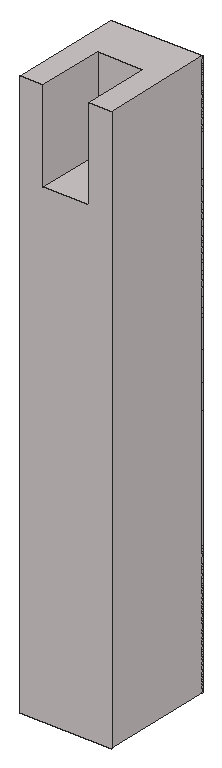
Revit family "M_Coluna retangular pré-moldada com rolamento retangular", category Pilares estruturais, Revit 2019
Family settings
  Exibir em vistas ocultas = Arestas ocultadas por outros membros
  Forma do corte = Não definido
  Material para o comportamento do modelo = Concreto pré-moldado
  Exportar sempre como geometria = Não
  Redução da viga na planta = Da caixa de vinculação
  Número OmniClass = 23.25.30.11.14.11
  Título OmniClass = Columns
  ID de item do Seek = Precast-Rectangular Column with Rectangular Fork bearing-0000-CAN-ENU
  Corte com vazios quando carregada = Não
  Representação simbólica = Da família
  Compartilhado = Não
  Exibir o pré-corte da família na vista da planta = Sim
Parameters (values of type "400x500-Corte de assento")
  TransChamfer = if(Chanfro = 0 mm, 2 mm, Chanfro)  # 2 mm
  Peso da vara de tirante [instance] = 30
  Vara de tirante W [instance] = (Peso da vara de tirante) * 9.80 kN / 1000  # 0.294 kN
  Structural Material [instance] = Concreto - Moldado in loco - 35 MPa
  Peso do vergalhão simples [instance] = 50
  Vergalhão em W simples [instance] = (Peso do vergalhão simples * 9.80 kN) / 1000  # 0.49 kN
  Profundidade do assento 1 [instance] = if(Assento com corte transversal, h, Profundidade do assento)  # 300 mm
  Profundidade do assento [instance] = 300 mm
  Altura do assento [instance] = 400 mm
  Largura do assento [instance] = 200 mm
  Assento com corte transversal = no
  Peso das grades de vergalhão [instance] = 100
  Grades de vergalhão W [instance] = (Peso das grades de vergalhão * 9.80 kN) / 1000  # 0.98 kN
  b = 400 mm
  h = 500 mm
  Chanfro = 0 mm
Types (3, lengths in mm): name | Profundidade do assento 1 | Assento com corte transversal | b | h
  (no name) | 300 | no | 400 | 500
  Assento com corte transversal de 300x400 | 400 | yes | 300 | 400
  400x500-Corte de assento | 300 | no | 400 | 500
Reference planes
  plane 1 "Centro (Frente/Trás)": y = 0
  plane 2: z = 0
  plane 3 "Centro (Esquerda/Direita)": x = 0
  plane 4: x = -200
  plane 5: x = 200
  plane 6: y = 250
  plane 7: y = -250
  plane 8: z = 2100
  plane 9: y = 50
  plane 10: x = -100
  plane 11: x = 100
  plane 12: y = 248
  plane 13: x = 200
  plane 14: x = -200
  plane 15: y = -248
Forms (mm)
  Extrusion 1, solid, material "Concreto - Moldado in loco - 35 MPa" <- "Structural Material"
    sketch origin (0, 0, 0) x (1, 0, 0) y (0, 1, 0)
      loop
        line (-200, 250) -> (-200, 248) -> (-200, -248) -> (-200, -250) -> (200, -250) -> (200, -248) -> (200, 248) -> (200, 250) -> (-200, 250)
    from 0 to 2500
  Extrusion 2, void
    sketch origin (0, 0, 0) x (1, 0, 0) y (0, 1, 0)
      loop
        line (-100, 50) -> (-100, -250) -> (100, -250) -> (100, 50) -> (-100, 50)
    from 2100 to 2500
Cuts and joins
  Extrusion 2 cuts Extrusion 1
Dimensions and locks
  equal spacing: plane 4, plane 3 "Centro (Esquerda/Direita)", plane 5
  equal spacing: plane 7, plane 1 "Centro (Frente/Trás)", plane 6
  "h": plane 7 to plane 6
  "b": plane 4 to plane 5
  "Altura do assento": level to plane 8
  "Profundidade do assento 1": plane 9 to plane 7
  equal spacing: plane 10, plane 3 "Centro (Esquerda/Direita)", plane 11
  "Largura do assento": plane 10 to plane 11
  "TransChamfer": plane 7 to plane 15
  "Chanfro": plane 4 to plane 14
  "Chanfro": plane 13 to plane 5
  "TransChamfer": plane 12 to plane 6
  aligned and locked: plane 6 to Extrusion 1 sketch curve
  aligned and locked: Extrusion 1 sketch curve to plane 7
  aligned and locked: Extrusion 1 sketch curve to plane 4
  aligned and locked: plane 5 to Extrusion 1 sketch curve
  aligned and locked: level to Extrusion 1
  aligned and locked: level to plane 2
  aligned and locked: Extrusion 1 to plane 2
  aligned and locked: plane 10 to Extrusion 2 sketch curve
  aligned and locked: Extrusion 2 sketch curve to plane 9
  aligned and locked: plane 7 to Extrusion 2 sketch curve
  aligned and locked: Extrusion 2 sketch curve to plane 11
  aligned and locked: level to Extrusion 2
  aligned and locked: Extrusion 2 to plane 8
  aligned and locked: plane 12 to Extrusion 1 sketch curve  (x2)
  aligned and locked: plane 13 to Extrusion 1 sketch curve  (x2)
  aligned and locked: plane 15 to Extrusion 1 sketch curve  (x2)
  aligned and locked: plane 14 to Extrusion 1 sketch curve  (x2)
